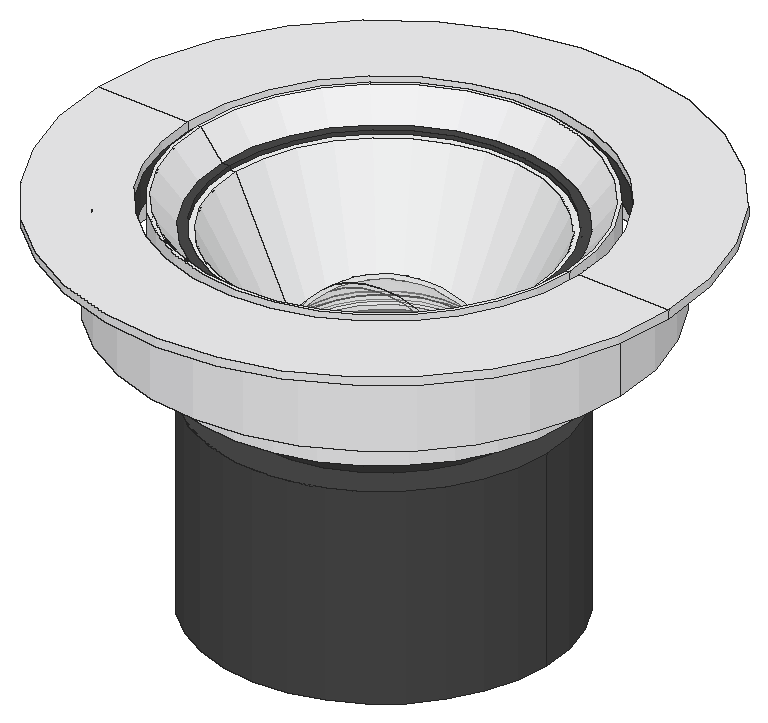
Revit family "2070076", category Lighting Fixtures, host Face, Revit 2018
Family settings
  Host = Face
  Round Connector Dimension = Use Diameter
  Part Type = Normal
  OmniClass Number = 23.80.70.11.17
  OmniClass Title = Specialized Lighting by Location or Use
  Cut with Voids When Loaded = No
  Light Source = No
  Shared = No
  Room Calculation Point = No
Parameters (values of type "2070076 EXPOSPOT 90 ADJ HO RA90 4000K NB WHITE")
  Weight = 0.77 kg  # constant formula
  Total Power Consumption = 27.9994 W
  Reflector Material = Aluminum_Sylvania_Expospot_Polished
  Radius = Diameter / 2  # 75.0 mm
  Product Code = "0060262"
  Photometric Web File = IES_Expospot_90_Adjustable : 0060294
  Photobiological Risk Group = "RG1"  # constant formula
  Nominal Frequency = "50/60Hz"  # constant formula
  Mounting Outer Radius = Head Radius + 3.0 mm  # 52.0 mm
  Max. Luminaires per 20A C Breaker = "45"  # constant formula
  Max. Luminaires per 20A B Breaker = "27"  # constant formula
  Max. Luminaires per 16A C Breaker = "35"  # constant formula
  Max. Luminaires per 16A B Breaker = "21"  # constant formula
  Max. Luminaires per 13A C Breaker = "28"  # constant formula
  Max. Luminaires per 13A B Breaker = "17"  # constant formula
  Max. Luminaires per 10A C Breaker = "21"  # constant formula
  Max. Luminaires per 10A B Breaker = "13"  # constant formula
  Light Loss Factor = 1  # constant formula
  Lamp Power Factor = 0.92
  LOR = "100%"  # constant formula
  Keynote = "n/a"
  Inrush Duration = "250µs"  # constant formula
  Inrush Current = 19.4 A  # constant formula
  Initial Intensity = 3126 lm
  Initial Color = 3000 K
  IP Rating = "IP20"  # constant formula
  IK Rating = "IK02"  # constant formula
  Height = 103.0 mm  # constant formula
  Voltage Comments = "220-240V~"  # constant formula
  Voltage = 240 V  # constant formula
  URL = "0.95"
  Product Page URL = "http://www.sylvania-lighting.com/product/en-int/products/0060262"
  Product Family = "EXPOSPOT 90 ADJUSTABLE"  # constant formula
  Head Radius = Radius - 26.0 mm  # 49.0 mm
  Head Diameter = Head Radius * 2  # 98.0 mm
  Head Angle [instance] = 0°
  Glow Wire Test = 850 °C  # constant formula
  Electrical Protection = "Class II"  # constant formula
  Drive Current = "700mA"  # constant formula
  Dimmable = "N"  # constant formula
  Diffuser Material = Acrylic_Sylvania_Expospot_3000K
  Diameter = 150.0 mm  # constant formula
  Cutout Diameter = Diameter - 10.0 mm  # 140.0 mm
  Created by URL = "http://all1studio.com/"
  Created by = "All 1 Studio Ltd. "  # constant formula
  Control Gear Type = "Electronic"  # constant formula
  Control Gear Required = "No"  # constant formula
  Control Gear Mounting = "Remote"  # constant formula
  Colour Variation Initial = "3SDCM"  # constant formula
  built-in parameter 1114216 [instance] = 1 (stored number, unit not read)
  Model = "EXPOSPOT 90 ADJUSTABLE HO RA90 4000K NB WHITE"
  Manufacturer = "Feilo Sylvania"  # constant formula
  Lamp = "LED"  # constant formula
  CRI = "80Ra"
  Body Material = Aluminum_Sylvania_Expospot_White
  Description = "Specifically designed for Retail and Display applications. I.e. Supermarkets Fashion Retail Department stores. Build around a 90mm reflector and lens combination."  # constant formula
  Default Elevation = 0.0 mm
  built-in parameter 1140040 [instance] = 1
  Beam Angle = 47°
  Average Life = "50 000h"  # constant formula
  Assembly Code = "D5020200"
  Apparent Load Comments = ""
  Apparent Load = 35 VA
  Body Secondary Material = Plastic_Sylvania_Expospot_Black
Reference planes
  plane 1 "Center (Front/Back)": y = 0
  plane 2: z = 0
  plane 3 "Center (Left/Right)": x = -7.423
  plane 4: z = 2
  plane 5: z = -22.5
  plane 6: x = -82.423
  plane 7: z = -5
Forms (mm)
  Revolve 1, solid, material "Aluminum_Sylvania_Expospot_White" <- "Body Material", detail levels fine
    sketch origin (0, 0, 0) x (1, 0, 0) y (0, 0, 1)
      loop
        line (-82.423, 2) -> (-82.423, 0) -> (-69.923, 0) -> (-69.923, -22.5) -> (-67.923, -22.5) -> (-67.923, 0) -> (-58.923, 0) -> (-58.923, 2) -> (-82.423, 2)
      axis (-7.423, 2) -> (-7.423, -22.5)
    angle from 0 to 360
  Revolve 2, solid, material "Plastic_Sylvania_Expospot_Black" <- "Body Secondary Material", detail levels fine
    sketch origin (0, 0, 0) x (1, 0, 0) y (0, 0, 1)
      loop
        line (-67.923, 0) -> (-67.923, -1.5) -> (-60.923, -1.5) -> (-60.923, -8.5) -> (-59.423, -8.5) -> (-59.423, 0) -> (-67.923, 0)
      axis (-7.423, 0) -> (-7.423, -8.5)
    angle from 0 to 360
  Extrusion 3, void
    sketch origin (0, 0, 0) x (1, 0, 0) y (0, 1, 0)
      loop
        circle (-7.423, 0) r 70
    from -116.997 to 69.443
  Extrusion 4, solid, material "Aluminum_Sylvania_Expospot_White" <- "Body Material", detail levels fine
    sketch origin (-7.423, 0, 0) x (0, 1, 0) y (0, 0, 1)
      loop
        circle (0, -5) r 3.5
    from 49 <- "Head Radius" to 52 <- "Mounting Outer Radius"
  Extrusion 5, solid, material "Aluminum_Sylvania_Expospot_White" <- "Body Material", detail levels fine
    sketch origin (-7.423, 0, 0) x (0, 1, 0) y (0, 0, -1)
      loop
        circle (0, 5) r 3.5
    from 49 <- "Head Radius" to 52 <- "Mounting Outer Radius"
  Revolve 6, solid, material "Aluminum_Sylvania_Expospot_White" <- "Body Material", detail levels coarse+medium
    sketch origin (0, 0, 0) x (1, 0, 0) y (0, 0, 1)
      loop
        line (-82.423, 2) -> (-82.423, 0) -> (-69.923, 0) -> (-69.923, -22.5) -> (-67.923, -22.5) -> (-67.923, -8.5) -> (-58.923, -8.5) -> (-58.923, 2) -> (-82.423, 2)
      axis (-7.423, 2) -> (-7.423, -22.5)
    angle from 0 to 360
Lines and regions (mm)
  Masking region 1
    outline origin (0, 0, 0) x (1, 0, 0) y (0, 1, 0)
      loop
        circle (-7.423, 0) r 75
  reference lines
    curve 1: line (-7.423, 0, -5) -> (-7.423, 0, -60)
  symbolic lines, detail levels fine
    curve 2: arc (-58.923, 0, 0) -> (-7.423, 51.5, 0) -> (44.077, 0, 0) r 51.5
    curve 3: arc (44.077, 0, 0) -> (-7.423, -51.5, 0) -> (-58.923, 0, 0) r 51.5
Dimensions and locks
  plane 4 to plane 2 to plane 7 to plane 5 = 2.0 mm locked, 5.0 mm locked, 17.5 mm locked
  "Radius": plane 6 to plane 3 "Center (Left/Right)"
  "Cutout Diameter": diameter of Extrusion 3 sketch curve
  "Head Angle": angle plane 1 "Center (Front/Back)" to curve 1
  aligned and locked: host face to plane 2
  aligned and locked: host face to level
  aligned and locked: plane 6 to Revolve 1 sketch curve
  aligned and locked: Revolve 1 sketch curve to plane 3 "Center (Left/Right)"
  aligned and locked: plane 1 "Center (Front/Back)" to curve 1
  aligned and locked: plane 7 to curve 1
  aligned and locked: plane 6 to Revolve 6 sketch curve
Automatic sketch dimensions
  host sketch curve to host sketch curve = 1412.252 mm
  host sketch curve to host sketch curve = 1359.6 mm
  Revolve 1 sketch curve to level = 0.0 mm  (x2)
  Revolve 1 sketch curve to plane 5 = 0.0 mm
  Revolve 1 sketch curve to plane 4 = 0.0 mm
  Revolve 1 sketch curve to Revolve 1 sketch curve = 12.5 mm
  Revolve 1 sketch curve to Revolve 1 sketch curve = 2.0 mm
  Revolve 1 sketch curve to Revolve 1 sketch curve = 9.0 mm
  Revolve 1 sketch curve to plane 5 = 349.774 mm
  plane 4 to Revolve 1 sketch curve = 1145.706 mm
  Revolve 2 sketch curve to level = 0.0 mm
  Revolve 2 sketch curve to plane 3 "Center (Left/Right)" = 0.0 mm
  Revolve 2 sketch curve to plane 6 = 23.0 mm
  Revolve 2 sketch curve to Revolve 2 sketch curve = 1.5 mm
  Revolve 2 sketch curve to level = 1.5 mm
  Revolve 2 sketch curve to Revolve 2 sketch curve = 7.0 mm
  Revolve 2 sketch curve to plane 7 = 3.5 mm
  Revolve 2 sketch curve to plane 5 = 349.774 mm
  plane 4 to Revolve 2 sketch curve = 1145.706 mm
  plane 1 "Center (Front/Back)" to Extrusion 3 sketch curve = 0.0 mm
  Extrusion 3 sketch curve to plane 3 "Center (Left/Right)" = 0.0 mm
  Extrusion 4 sketch curve to plane 1 "Center (Front/Back)" = 0.0 mm
  Extrusion 4 sketch curve to plane 7 = 0.0 mm
  Extrusion 5 sketch curve to plane 1 "Center (Front/Back)" = 0.0 mm
  Extrusion 5 sketch curve to plane 7 = 0.0 mm
  Revolve 6 sketch curve to level = 0.0 mm
  Revolve 6 sketch curve to plane 5 = 0.0 mm
  Revolve 6 sketch curve to plane 4 = 0.0 mm
  Revolve 6 sketch curve to plane 3 "Center (Left/Right)" = 0.0 mm
  Revolve 6 sketch curve to plane 6 = 12.5 mm
  Revolve 6 sketch curve to plane 7 = 3.5 mm
  Revolve 6 sketch curve to Revolve 6 sketch curve = 9.0 mm
  Revolve 6 sketch curve to plane 5 = 349.774 mm
  plane 4 to Revolve 6 sketch curve = 1145.706 mm
  Revolve 6 sketch curve to Revolve 6 sketch curve = 2.0 mm
  Masking region 1 sketch curve to Masking region 1 sketch curve = 0.0 mm  (x2)
  plane 1 "Center (Front/Back)" to Masking region 1 sketch curve = 0.0 mm
  Masking region 1 sketch curve to plane 6 = 0.0 mm
  Masking region 1 sketch curve to plane 3 "Center (Left/Right)" = 0.0 mm
  curve 2 to curve 3 = 0.0 mm  (x2)
  plane 1 "Center (Front/Back)" to curve 2 = 0.0 mm
  curve 3 to plane 3 "Center (Left/Right)" = 0.0 mm
  curve 3 to plane 6 = 23.5 mm
  radius of Extrusion 4 sketch curve = 3.5 mm
  radius of Extrusion 5 sketch curve = 3.5 mm
Nested families
  nested 1: "Head_Expospot 90" at (-7.423, 0, 2), type "Head_Expospot 90"
  nested 2: "IES_Expospot_90_Adjustable" at (-7.423, 0, 2), type <- "Photometric Web File", type "0060294"
Connectors
  electrical at (-7.423, 0, -101), driven by "Voltage", driven by "Apparent Load", driven by "Lamp Power Factor"
    settings: on nested 1, index 1, voltage 240 V, apparent load 0 VA, apparent load phase1 35 VA, apparent load phase2 0 VA, apparent load phase3 0 VA, power factor 0.92, load classification "Lighting", number of poles 1, system type 31, power factor state 1, is connector primary yes, connector utility no, sub classification motor no, connector description ""
Definition of nested family "Head_Expospot 90"
  Parameters (values of type "Head_Expospot 90")
    Reflector Material = none
    Radius = 49.0 mm
    Height = 103.0 mm
    Diffuser Material = none
    Default Elevation = 0.0 mm
    Cooling Radius = Radius - 6.0 mm  # 43.0 mm
    Body Secondary Material = none
    Body Material = none
  Reference planes
    plane 1 "Center (Front/Back)": y = 0
    plane 2: z = 0
    plane 3 "Center (Left/Right)": x = 0
    plane 4: z = -35.5
    plane 5: z = -6.5
    plane 6 "Fixture Radius": x = -49
    plane 7: z = -45
    plane 8: z = -95
    plane 9: z = -103
    plane 10 "Diffuser Radius": x = -24.5
    plane 11: z = -36.5
  Forms (mm)
    Revolve 1, solid, material <- "Body Material", detail levels fine
      sketch origin (0, 0, 0) x (1, 0, 0) y (0, 0, 1)
        loop
          line (-49, 0) -> (-49, -35.5) -> (-47, -35.5) -> (-47, -4.542) -> (-45.357, -6.5) -> (-42.746, -6.5) -> (-48.2, 0) -> (-49, 0)
        axis (0, 0) -> (0, -35.5)
      angle from 0 to 360
    Revolve 2, solid, material <- "Reflector Material", detail levels fine
      sketch origin (0, 0, 0) x (1, 0, 0) y (0, 0, 1)
        loop
          line (-41, -7.5) -> (-41, -8.5) -> (-39.623, -8.5) -> (-25.123, -37.5) -> (-20.5, -37.5) -> (-20.5, -36.5) -> (-24.5, -36.5) -> (-39, -7.5) -> (-41, -7.5)
        axis (0, -7.5) -> (0, -37.5)
      angle from 0 to 360
    Revolve 3, solid, material <- "Body Secondary Material", detail levels fine
      sketch origin (0, 0, 0) x (1, 0, 0) y (0, 0, 1)
        loop
          line (-47, -6.5) -> (-47, -35.5) -> (-42.5, -35.5) -> (-35.078, -45) -> (0, -45) -> (0, -37.5) -> (-24.5, -37.5) -> (-24.5, -44) -> (-34.59, -44) -> (-42.012, -34.5) -> (-46, -34.5) -> (-46, -7.5) -> (-40.5, -7.5) -> (-40.5, -6.5) -> (-47, -6.5)
        axis (0, -6.5) -> (0, -45)
      angle from 0 to 360
    Revolve 4, solid, material <- "Body Secondary Material", detail levels fine
      sketch origin (0, 0, 0) x (1, 0, 0) y (0, 0, 1)
        loop
          line (-30, -95) -> (-30, -97) -> (-28, -103) -> (0, -103) -> (0, -95) -> (-30, -95)
        axis (0, -95) -> (0, -103)
      angle from 0 to 360
    Extrusion 5, solid, material <- "Body Secondary Material", detail levels fine
      sketch origin (0, 0, 0) x (1, 0, 0) y (0, 1, 0)
        loop
          circle (0, 0) r 43
      from -95 to -45
    Extrusion 6, solid, material <- "Body Material", detail levels coarse+medium
      sketch origin (0, 0, 0) x (1, 0, 0) y (0, 1, 0)
        loop
          circle (0, 0) r 49
      from -103 to 0
    Revolve 7, solid, material <- "Diffuser Material", detail levels fine
      sketch origin (0, 0, 0) x (1, 0, 0) y (0, 0, 1)
        loop
          line (-22.5, -34.5) -> (-22.5, -36.5) -> (-21.5, -36.5) -> (-21.5, -34.77)
          arc (-21.5, -34.77) -> (-12.378, -25.783) -> (0, -22.5) r 24.971
          line (0, -22.5) -> (0, -21.5)
          arc (0, -21.5) -> (-12.993, -24.984) -> (-22.5, -34.5) r 25.971
        axis (0, -21.5) -> (0, -36.5)
      angle from 0 to 360
  Dimensions and locks
    "Radius": plane 3 "Center (Left/Right)" to plane 6 "Fixture Radius"
    locked: Revolve 4 sketch curve to plane 6 "Fixture Radius" at 19
    locked: plane 10 "Diffuser Radius" to plane 6 "Fixture Radius" at 24.5
    Revolve 7 sketch curve to Revolve 7 sketch curve to plane 11 = 1.0 mm locked, 14.0 mm locked
    plane 10 "Diffuser Radius" to Revolve 7 sketch curve to Revolve 7 sketch curve = 2.0 mm locked, 1.0 mm locked
    "Height": plane 2 to plane 9
    locked: plane 8 to plane 9 at 8
    plane 2 to plane 5 to plane 4 to plane 11 to plane 7 = 6.5 mm locked, 29.0 mm locked, 1.0 mm locked, 8.5 mm locked
    "Radius": radius of Extrusion 6 sketch curve
    "Cooling Radius": radius of Extrusion 5 sketch curve
    aligned and locked: level to plane 2
    aligned and locked: Revolve 1 sketch curve to plane 6 "Fixture Radius"
    aligned and locked: Extrusion 5 to plane 8
    aligned and locked: plane 7 to Extrusion 5
    aligned and locked: Extrusion 6 to plane 9
    aligned and locked: plane 2 to Extrusion 6
    aligned and locked: Revolve 1 sketch curve to plane 4
  Automatic sketch dimensions
    Revolve 4 sketch curve to plane 8 = 0.0 mm
    Revolve 4 sketch curve to plane 9 = 0.0 mm
    Revolve 4 sketch curve to plane 3 "Center (Left/Right)" = 0.0 mm  (x2)
    Revolve 4 sketch curve to plane 8 = 2.0 mm
    Revolve 4 sketch curve to Revolve 4 sketch curve = 2.0 mm
    Revolve 4 sketch curve to plane 9 = 265.545 mm
    level to Revolve 4 sketch curve = 2214.315 mm
    Revolve 1 sketch curve to level = 0.0 mm
    Revolve 1 sketch curve to plane 3 "Center (Left/Right)" = 0.0 mm
    Revolve 1 sketch curve to Revolve 1 sketch curve = 0.8 mm
    Revolve 1 sketch curve to Revolve 1 sketch curve = 2.0 mm
    plane 5 to Revolve 1 sketch curve = 1.958 mm
    Revolve 1 sketch curve to plane 5 = 0.0 mm
    Revolve 1 sketch curve to Revolve 1 sketch curve = 1.643 mm
    Revolve 1 sketch curve to Revolve 1 sketch curve = 2.611 mm
    Revolve 1 sketch curve to plane 9 = 288.545 mm
    level to Revolve 1 sketch curve = 2214.315 mm
    plane 10 "Diffuser Radius" to Revolve 2 sketch curve = 0.0 mm
    Revolve 2 sketch curve to plane 3 "Center (Left/Right)" = 0.0 mm
    Revolve 2 sketch curve to plane 11 = 0.0 mm
    Revolve 2 sketch curve to plane 5 = 1.0 mm
    plane 6 "Fixture Radius" to Revolve 2 sketch curve = 10.0 mm
    Revolve 2 sketch curve to Revolve 2 sketch curve = 2.0 mm
    Revolve 2 sketch curve to plane 10 "Diffuser Radius" = 4.0 mm
    Revolve 2 sketch curve to Revolve 2 sketch curve = 383.045 mm
    Revolve 2 sketch curve to Revolve 2 sketch curve = 2221.815 mm
    plane 10 "Diffuser Radius" to Revolve 2 sketch curve = 0.623 mm
    Revolve 2 sketch curve to Revolve 2 sketch curve = 0.623 mm
    Revolve 2 sketch curve to Revolve 2 sketch curve = 1.0 mm
    Revolve 2 sketch curve to plane 11 = 1.0 mm
    Revolve 3 sketch curve to plane 5 = 0.0 mm
    Revolve 3 sketch curve to plane 4 = 0.0 mm
    Revolve 3 sketch curve to plane 7 = 0.0 mm
    plane 10 "Diffuser Radius" to Revolve 3 sketch curve = 0.0 mm
    Revolve 3 sketch curve to plane 3 "Center (Left/Right)" = 0.0 mm  (x2)
    plane 7 to Revolve 3 sketch curve = 1.0 mm
    plane 10 "Diffuser Radius" to Revolve 3 sketch curve = 10.09 mm
    Revolve 3 sketch curve to Revolve 3 sketch curve = 0.488 mm  (x2)
    Revolve 3 sketch curve to plane 5 = 1.0 mm
    plane 6 "Fixture Radius" to Revolve 3 sketch curve = 8.5 mm
    plane 4 to Revolve 3 sketch curve = 1.0 mm
    plane 6 "Fixture Radius" to Revolve 3 sketch curve = 6.988 mm
    plane 6 "Fixture Radius" to Revolve 3 sketch curve = 3.0 mm
    Revolve 3 sketch curve to Revolve 3 sketch curve = 1.0 mm
    Revolve 3 sketch curve to plane 9 = 265.545 mm
    level to Revolve 3 sketch curve = 2214.315 mm
    Revolve 3 sketch curve to plane 11 = 1.0 mm
    Revolve 7 sketch curve to Revolve 7 sketch curve = 0.0 mm
    Revolve 7 sketch curve to plane 11 = 0.0 mm
    Revolve 7 sketch curve to plane 3 "Center (Left/Right)" = 0.0 mm  (x2)
    plane 4 to Revolve 7 sketch curve = 0.73 mm
    Revolve 7 sketch curve to plane 9 = 278.0 mm
    level to Revolve 7 sketch curve = 156.383 mm
    plane 1 "Center (Front/Back)" to Extrusion 5 sketch curve = 0.0 mm
    Extrusion 5 sketch curve to plane 3 "Center (Left/Right)" = 0.0 mm
    plane 1 "Center (Front/Back)" to Extrusion 6 sketch curve = 0.0 mm
    Extrusion 6 sketch curve to plane 3 "Center (Left/Right)" = 0.0 mm
Definition of nested family "IES_Expospot_90_Adjustable"
  Parameters (values of type "0060286")
    Wattage = 34.9993 W
    built-in parameter 1150110 = 1 (stored number, unit not read)
    Total Power Consumption = 34.9993 W
    built-in parameter 1114217 = 1 (stored number, unit not read)
    Tilt Angle = -90°
    built-in parameter 1150109 = 1 (stored number, unit not read)
    built-in parameter 1150134 = (empty or 0)
    built-in parameter 1150113 = 1 (stored number, unit not read)
    Photometric Web File = "0060286.ies"
    built-in parameter 1150105 = 296.11 (stored number, unit not read)
    Lumens = 3721 lm
    built-in parameter 1150115 = 1 (stored number, unit not read)
    built-in parameter 1150137 = (empty or 0)
    built-in parameter 1150139 = (empty or 0)
    built-in parameter 1150112 = 1 (stored number, unit not read)
    built-in parameter 1150114 = 1 (stored number, unit not read)
    built-in parameter 1150132 = 2
    built-in parameter 1150102 = 3721
    built-in parameter 1150107 = 3000 (stored number, unit not read)
    built-in parameter 1150138 = 3000
    built-in parameter 1150106 = 2.9611 (stored number, unit not read)
    Emit from Circle Diameter = 98.0 mm
    Emit Shape Visible in Rendering = no
    built-in parameter 1150104 = 9.8771 (stored number, unit not read)
    Dimming Lamp Color Temperature Shift = (empty or 0)
    Default Elevation = 0.0 mm
    Color Filter = 16777215
    built-in parameter 1114218 = 1 (stored number, unit not read)
    built-in parameter 1150133 = 10 (stored number, unit not read)
    Apparent Load = 34.9993 VA
  Types (24, lengths in mm): name | Wattage | Total Power Consumption | built-in parameter 1150134 | Photometric Web File | built-in parameter 1150105 | Lumens | built-in parameter 1150102 | built-in parameter 1150107 | built-in parameter 1150138 | built-in parameter 1150106 | built-in parameter 1150104 | Apparent Load
    0060296 | 34.9993 W | 34.9993 W | 12 | "0060296.ies" | 276.85 (stored number, unit not read) | 3479 lm | 3479 | 4000 (stored number, unit not read) | 4000 | 2.7685 (stored number, unit not read) | 9.2348 (stored number, unit not read) | 34.9993 VA
    0060295 | 34.9993 W | 34.9993 W | 12 | "0060295.ies" | 275.18 (stored number, unit not read) | 3458 lm | 3458 | 4000 (stored number, unit not read) | 4000 | 2.7518 (stored number, unit not read) | 9.179 (stored number, unit not read) | 34.9993 VA
    0060294 | 34.9993 W | 34.9993 W | 12 | "0060294.ies" | 284.09 (stored number, unit not read) | 3570 lm | 3570 | 4000 (stored number, unit not read) | 4000 | 2.8409 (stored number, unit not read) | 9.4763 (stored number, unit not read) | 34.9993 VA
    0060293 | 34.9993 W | 34.9993 W | (empty or 0) | "0060293.ies" | 262.05 (stored number, unit not read) | 3293 lm | 3293 | 3000 (stored number, unit not read) | 3000 | 2.6205 (stored number, unit not read) | 8.741 (stored number, unit not read) | 34.9993 VA
    0060292 | 34.9993 W | 34.9993 W | (empty or 0) | "0060292.ies" | 253.06 (stored number, unit not read) | 3180 lm | 3180 | 3000 (stored number, unit not read) | 3000 | 2.5306 (stored number, unit not read) | 8.4411 (stored number, unit not read) | 34.9993 VA
    0060291 | 34.9993 W | 34.9993 W | (empty or 0) | "0060291.ies" | 268.1 (stored number, unit not read) | 3369 lm | 3369 | 3000 (stored number, unit not read) | 3000 | 2.681 (stored number, unit not read) | 8.9428 (stored number, unit not read) | 34.9993 VA
    0060290 | 34.9993 W | 34.9993 W | 12 | "0060290.ies" | 313.69 (stored number, unit not read) | 3942 lm | 3942 | 4000 (stored number, unit not read) | 4000 | 3.1369 (stored number, unit not read) | 10.464 (stored number, unit not read) | 34.9993 VA
    0060289 | 34.9993 W | 34.9993 W | 12 | "0060289.ies" | 306.53 (stored number, unit not read) | 3852 lm | 3852 | 4000 (stored number, unit not read) | 4000 | 3.0653 (stored number, unit not read) | 10.225 (stored number, unit not read) | 34.9993 VA
    0060288 | 34.9993 W | 34.9993 W | 12 | "0060288.ies" | 327.94 (stored number, unit not read) | 4121 lm | 4121 | 4000 (stored number, unit not read) | 4000 | 3.2794 (stored number, unit not read) | 10.939 (stored number, unit not read) | 34.9993 VA
    0060287 | 34.9993 W | 34.9993 W | (empty or 0) | "0060287.ies" | 297.3 (stored number, unit not read) | 3736 lm | 3736 | 3000 (stored number, unit not read) | 3000 | 2.973 (stored number, unit not read) | 9.9169 (stored number, unit not read) | 34.9993 VA
    0060286 | 34.9993 W | 34.9993 W | (empty or 0) | "0060286.ies" | 296.11 (stored number, unit not read) | 3721 lm | 3721 | 3000 (stored number, unit not read) | 3000 | 2.9611 (stored number, unit not read) | 9.8771 (stored number, unit not read) | 34.9993 VA
    0060272 | 27.9994 W | 27.9994 W | 12 | "0060272.ies" | 227.19 (stored number, unit not read) | 2855 lm | 2855 | 4000 (stored number, unit not read) | 4000 | 2.2719 (stored number, unit not read) | 9.473 (stored number, unit not read) | 27.9994 VA
    0060271 | 27.9994 W | 27.9994 W | 12 | "0060271.ies" | 225.68 (stored number, unit not read) | 2836 lm | 2836 | 4000 (stored number, unit not read) | 4000 | 2.2568 (stored number, unit not read) | 9.4099 (stored number, unit not read) | 27.9994 VA
    0060270 | 27.9994 W | 27.9994 W | 12 | "0060270.ies" | 221.94 (stored number, unit not read) | 2789 lm | 2789 | 4000 (stored number, unit not read) | 4000 | 2.2194 (stored number, unit not read) | 9.254 (stored number, unit not read) | 27.9994 VA
    0060269 | 27.9994 W | 27.9994 W | (empty or 0) | "0060269.ies" | 206.03 (stored number, unit not read) | 2589 lm | 2589 | 3000 (stored number, unit not read) | 3000 | 2.0603 (stored number, unit not read) | 8.5904 (stored number, unit not read) | 27.9994 VA
    0060268 | 27.9994 W | 27.9994 W | (empty or 0) | "0060268.ies" | 204.75 (stored number, unit not read) | 2573 lm | 2573 | 3000 (stored number, unit not read) | 3000 | 2.0475 (stored number, unit not read) | 8.5373 (stored number, unit not read) | 27.9994 VA
    0060267 | 27.9994 W | 27.9994 W | (empty or 0) | "0060267.ies" | 201.81 (stored number, unit not read) | 2536 lm | 2536 | 3000 (stored number, unit not read) | 3000 | 2.0181 (stored number, unit not read) | 8.4145 (stored number, unit not read) | 27.9994 VA
    0060266 | 27.9994 W | 27.9994 W | 12 | "0060266.ies" | 256.96 (stored number, unit not read) | 3229 lm | 3229 | 4000 (stored number, unit not read) | 4000 | 2.5696 (stored number, unit not read) | 10.714 (stored number, unit not read) | 27.9994 VA
    0060265 | 27.9994 W | 27.9994 W | 12 | "0060265.ies" | 257.19 (stored number, unit not read) | 3232 lm | 3232 | 4000 (stored number, unit not read) | 4000 | 2.5719 (stored number, unit not read) | 10.724 (stored number, unit not read) | 27.9994 VA
    0060264 | 27.9994 W | 27.9994 W | 12 | "0060264.ies" | 250.27 (stored number, unit not read) | 3145 lm | 3145 | 4000 (stored number, unit not read) | 4000 | 2.5027 (stored number, unit not read) | 10.435 (stored number, unit not read) | 27.9994 VA
    0060263 | 27.9994 W | 27.9994 W | (empty or 0) | "0060263.ies" | 252.58 (stored number, unit not read) | 3174 lm | 3174 | 3000 (stored number, unit not read) | 3000 | 2.5258 (stored number, unit not read) | 10.531 (stored number, unit not read) | 27.9994 VA
    0060262 | 27.9994 W | 27.9994 W | (empty or 0) | "0060262.ies" | 248.76 (stored number, unit not read) | 3126 lm | 3126 | 3000 (stored number, unit not read) | 3000 | 2.4876 (stored number, unit not read) | 10.372 (stored number, unit not read) | 27.9994 VA
    0060261 | 27.9993 W | 28 W | (empty or 0) | "0060261.ies" | 3140.4 (stored number, unit not read) | 3174 lm | 3479 | 3000 (stored number, unit not read) | 4000 | 31.404 (stored number, unit not read) | 10.531 (stored number, unit not read) | 28 VA
    0060285 | 35.0009 W | 34.9993 W | (empty or 0) | "0060285.ies" | 4452.3 (stored number, unit not read) | 3946 lm | 3721 | 3000 (stored number, unit not read) | 3000 | 44.523 (stored number, unit not read) | 10.474 (stored number, unit not read) | 34.9993 VA
  Reference planes
    plane 1 "Center (Front/Back)": y = 0
    plane 2: z = 0
    plane 3 "Center (Left/Right)": x = 0
  Dimensions and locks
    aligned and locked: level to plane 2
    aligned and locked: plane 3 "Center (Left/Right)" to imposter light
    aligned and locked: plane 1 "Center (Front/Back)" to imposter light
    aligned and locked: level to imposter light
